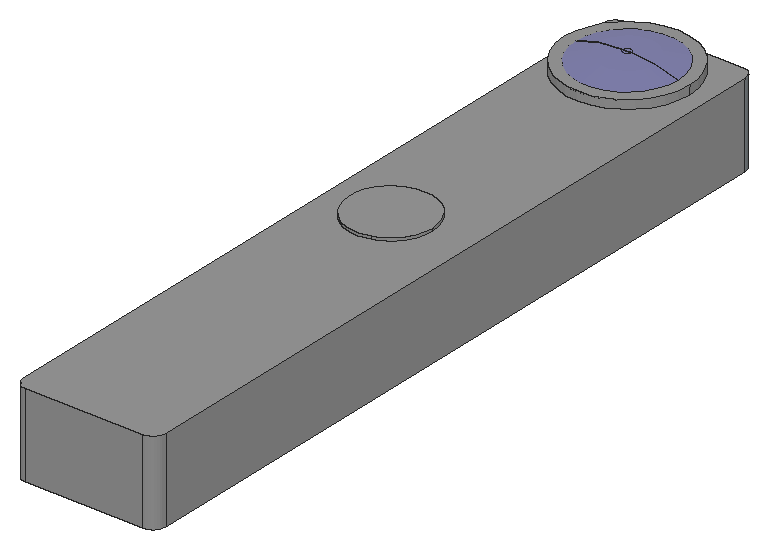
Revit family "VideoIntercom_TD33-53-63", category Security Devices, host Face, Revit 2019
Family settings
  Host = Face
  Maintain Annotation Orientation = Yes
  Round Connector Dimension = Use Diameter
  Part Type = Normal
  Cut with Voids When Loaded = No
  Shared = No
  Room Calculation Point = Yes
Parameters (values of type "TD33-HW")
  Width = 1.7"
  Verkada Material = Verkada Black
  URL = "https://www.verkada.com/intercom/td33/"
  Type Image = TD33.png
  Speaker Wide = no
  Speaker Thin = yes
  Speaker Distance = 0.1"  # constant formula
  Model = "TD63-HW"
  Manufacturer = "VERKADA"  # constant formula
  Length = 9.0"
  Keypad = no
  Height = 1.1"
  Description = "VIDEO INTERCOM"
  Default Elevation = 48.0"
  Corner Radius = 0.15"  # constant formula
  Camera Offset Top = 0.1"
  Camera Offset Left = 1.6"
  Camera Base Wide = no
  Camera Base Thin = yes
  Call Button Top = 3.9"
Reference planes (in)
  plane 1 "Center (Front/Back)": y = 0
  plane 2: z = 0
  plane 3 "Center (Left/Right)": x = 0
  plane 4: x = 0.85
  plane 5: y = 4.5
  plane 6: y = -4.5
  plane 7: x = -0.85
  plane 8: z = 1.1
  plane 9 "Face": z = 1
Forms (in)
  Extrusion 1, solid, material "Verkada Black" <- "Verkada Material"
    sketch origin (0, 0, 0) x (1, 0, 0) y (0, 1, 0)
      loop
        arc (-0.7, 4.5) -> (-0.80607, 4.45607) -> (-0.85, 4.35) r 0.15
        line (-0.85, 4.35) -> (-0.85, -4.35)
        arc (-0.85, -4.35) -> (-0.80607, -4.45607) -> (-0.7, -4.5) r 0.15
        line (-0.7, -4.5) -> (0.7, -4.5)
        arc (0.7, -4.5) -> (0.80607, -4.45607) -> (0.85, -4.35) r 0.15
        line (0.85, -4.35) -> (0.85, 4.35)
        arc (0.85, 4.35) -> (0.80607, 4.45607) -> (0.7, 4.5) r 0.15
        line (0.7, 4.5) -> (-0.7, 4.5)
    from 0 to 1
Lines and regions (in)
  reference lines
    curve 1: line (0, 4.75, 0) -> (0, -4.5, 0)
Dimensions and locks (in)
  equal spacing: plane 7, plane 3 "Center (Left/Right)", plane 4
  "Width": plane 7 to plane 4
  "Height": plane 8 to level
  equal spacing: plane 6, plane 1 "Center (Front/Back)", plane 5
  "Length": plane 6 to plane 5
  equal spacing: Extrusion 1, plane 3 "Center (Left/Right)", Extrusion 1
  plane 8 to plane 9 "Face" = 0.1"
  "Speaker Distance": Extrusion 1 to nested 2
  Extrusion 1 to Extrusion 1 = 1.7"
  "Camera Offset Top": Extrusion 1 to nested 3
  "Call Button Top": Extrusion 1 to nested 4
  "Corner Radius": radius of Extrusion 1 sketch curve  (x4)
  aligned and locked: plane 2 to host face
  aligned and locked: level to host face
  aligned and locked: plane 5 to Extrusion 1 sketch curve
  aligned and locked: plane 7 to Extrusion 1 sketch curve
  aligned and locked: Extrusion 1 sketch curve to plane 6
  aligned and locked: Extrusion 1 sketch curve to plane 4
  aligned and locked: Extrusion 1 to plane 9 "Face"
Automatic sketch dimensions
  host sketch curve to host sketch curve = 96.0"  (x2)
  curve 1 to plane 3 "Center (Left/Right)" = 0.0"
  plane 6 to curve 1 = 0.0"
  curve 1 to plane 5 = 0.25"
Nested families (in)
  nested 1: "PlanSymbol_Intercom" at (0, 0, 0), type "Standard"
  nested 2: "Speaker-RP" at (0, 0.1877, 1.1), built-in parameter 1001364 <- "Height", type "Standard"
  nested 3: "VideoIntercom-Camera" at (0, 3.65, 1.1), built-in parameter 1001364 <- "Height", type "VideoIntercom-Camera"
  nested 4: "VideoIntercom-Call Button" at (0, 0.1, 1.1), built-in parameter 1001364 <- "Height", type "VideoIntercom-Call Button"
  nested 5: "VideoIntercom-Keypad" at (0, 2.95, 1.3), visible <- "Keypad", type "VideoIntercom-Keypad"
Connectors (in)
  electrical at (0, 0, 0)
    settings: index 2, voltage 0 V, apparent load 0 VA, apparent load phase1 0 VA, apparent load phase2 0 VA, apparent load phase3 0 VA, power factor 1, load classification "Other", number of poles 1, system type 10, power factor state 1, is connector primary yes, connector utility no, sub classification motor no, connector description ""
Definition of nested family "VideoIntercom-Camera"
  Parameters (values of type "VideoIntercom-Camera")
    TD53-63 Camera Base = yes
    TD33 Camera Base = no
  Reference planes (in)
    plane 1 "Center (Front/Back)": y = 0
    plane 2: z = 0
    plane 3 "Center (Left/Right)": x = 0
  Forms (in)
    Extrusion 1, solid
      sketch origin (-0.00592, -0.11408, 0) x (1, 0, 0) y (0, 1, 0)
        loop
          circle (0.00592, 0.11408) r 0.75
      from 0 to 0.10156
    Revolve 2, solid
      sketch origin (0, 0, 0) x (1, 0, 0) y (0, 0, 1)
        loop
          line (0, 0.10156) -> (0, 0.20156) -> (-0.05, 0.20156)
          arc (-0.05, 0.20156) -> (-0.33794, 0.17637) -> (-0.61713, 0.10156) r 1.65817
          line (-0.61713, 0.10156) -> (0, 0.10156)
        axis (0, 0.10156) -> (0, 0.20156)
      angle from 0 to 360
  Dimensions and locks (in)
    aligned and locked: plane 2 to level
  Nested families (in)
    nested 1: "VideoIntercom-Camera-Base" at (0, 0, 0), type "TD#3 Intercom Camera Base"
  Definition of nested family "VideoIntercom-Camera-Base"
    Parameters (values of type "TD#3 Intercom Camera Base")
      TD53-63 = no
      TD33 = yes
    Reference planes (in)
      plane 1: y = 0
      plane 2: x = 0
    Lines and regions (in)
      Filled region 1, type "Solid Black", visible <- "TD33"
        outline origin (0, 0, 0) x (1, 0, 0) y (0, 1, 0)
          loop
            arc (0.75, 0) -> (0, -0.75) -> (-0.75, 0) r 0.75
            line (-0.75, 0) -> (-0.75, -1.5)
            arc (-0.75, -1.5) -> (0, -2.25) -> (0.75, -1.5) r 0.75
            line (0.75, -1.5) -> (0.75, 0)
      Filled region 2, type "Solid Black", visible <- "TD53-63"
        outline origin (0, 0, 0) x (1, 0, 0) y (0, 1, 0)
          loop
            arc (-0.75, 0.75) -> (-1.5, 0) -> (-0.75, -0.75) r 0.75
            line (-0.75, -0.75) -> (0, -0.75)
            arc (0, -0.75) -> (-0.75, 0) -> (0, 0.75) r 0.75
            line (0, 0.75) -> (-0.75, 0.75)
      Filled region 3, type "Solid Black", visible <- "TD53-63"
        outline origin (0, 0, 0) x (0, 1, 0) y (-1, 0, 0)
          loop
            line (0.75, -0.75) -> (0.75, 0)
            arc (0.75, 0) -> (0, -0.75) -> (-0.75, 0) r 0.75
            line (-0.75, 0) -> (-0.75, -0.75)
            arc (-0.75, -0.75) -> (0, -1.5) -> (0.75, -0.75) r 0.75
Definition of nested family "VideoIntercom-Call Button"
  Reference planes (in)
    plane 1 "Center (Front/Back)": y = 0
    plane 2: z = 0
    plane 3 "Center (Left/Right)": x = 0
  Forms (in)
    Extrusion 1, solid
      sketch origin (-131.0153, -68.10709, 0) x (1, 0, 0) y (0, 1, 0)
        loop
          circle (131.0153, 68.10709) r 0.5
      from 0 to 0.03125
  Dimensions and locks (in)
    aligned and locked: plane 2 to level
Definition of nested family "VideoIntercom-Keypad"
  Reference planes (in)
    plane 1 "Center (Front/Back)": y = 0
    plane 2: z = 0
    plane 3 "Center (Left/Right)": x = 0
  Forms (in)
    Extrusion 1, solid
      sketch origin (0, 0, 0) x (1, 0, 0) y (0, 1, 0)
        loop
          circle (0, 0) r 0.18709
        loop
          circle (0.76437, 0) r 0.18709
        loop
          circle (-0.7672, 0) r 0.18709
        loop
          circle (0, -0.625) r 0.18709
        loop
          circle (0.76437, -0.625) r 0.18709
        loop
          circle (-0.7672, -0.625) r 0.18709
        loop
          circle (0, -1.25) r 0.18709
        loop
          circle (0.76437, -1.25) r 0.18709
        loop
          circle (-0.7672, -1.25) r 0.18709
        loop
          circle (0, -1.875) r 0.18709
        loop
          circle (0.76437, -1.875) r 0.18709
        loop
          circle (-0.7672, -1.875) r 0.18709
      from 0 to 0.03125
  Dimensions and locks (in)
    aligned and locked: plane 2 to level
Definition of nested family "PlanSymbol_Intercom"
  Reference planes (in)
    plane 1: y = 0
    plane 2: x = 0
  Lines and regions (in)
    Masking region 1
      outline origin (0, 0, 0) x (1, 0, 0) y (0, 1, 0)
        loop
          line (-0.11811, 0.2345) -> (-0.11811, 0) -> (0.11811, 0) -> (0.11811, 0.2345) -> (-0.11811, 0.2345)
        loop
          circle (0, 0.11725) r 0.09397
    detail lines
      curve 1: line (-0.03132, 0.02865, 0) -> (-0.03132, 0.20585, 0)
      curve 2: line (0.03132, 0.02865, 0) -> (0.03132, 0.20585, 0)
      curve 3: line (0.0886, 0.14858, 0) -> (-0.0886, 0.14858, 0)
      curve 4: line (0.0886, 0.08593, 0) -> (-0.0886, 0.08593, 0)
Definition of nested family "Speaker-RP"
  Parameters (values of type "Standard")
    Speaker Wide = yes
    Speaker Thin = no
  Reference planes (in)
    plane 1 "Center (Front/Back)": y = 0
    plane 2: z = 0
    plane 3 "Center (Left/Right)": x = 0
  Lines and regions (in)
    model lines
      curve 1: line (0.09375, -3.43438, 0) -> (-0.09375, -3.43438, 0)
      curve 2: arc (-0.09375, -3.43438, 0) -> (-0.20424, -3.48014, 0) -> (-0.25, -3.59063, 0) r 0.15625
      curve 3: line (-0.25, -3.59063, 0) -> (-0.25, -3.77813, 0)
      curve 4: arc (-0.25, -3.77813, 0) -> (-0.20424, -3.88861, 0) -> (-0.09375, -3.93438, 0) r 0.15625
      curve 5: line (-0.09375, -3.93438, 0) -> (0.09375, -3.93438, 0)
      curve 6: arc (0.09375, -3.93438, 0) -> (0.20424, -3.88861, 0) -> (0.25, -3.77813, 0) r 0.15625
      curve 7: line (0.25, -3.77813, 0) -> (0.25, -3.59063, 0)
      curve 8: arc (0.25, -3.59063, 0) -> (0.20424, -3.48014, 0) -> (0.09375, -3.43438, 0) r 0.15625
    model lines, visible <- "Speaker Wide"
      curve 9: circle (-2.1875, -0.0125, 0) r 0.04395 normal (0, 0, -1)
      curve 10: circle (-2.03125, -0.0125, 0) r 0.04395 normal (0, 0, -1)
      curve 11: circle (-1.875, -0.0125, 0) r 0.04395 normal (0, 0, -1)
      curve 12: circle (-1.71875, -0.0125, 0) r 0.04395 normal (0, 0, -1)
      curve 13: circle (-1.5625, -0.0125, 0) r 0.04395 normal (0, 0, -1)
      curve 14: circle (-1.40625, -0.0125, 0) r 0.04395 normal (0, 0, -1)
      curve 15: circle (-1.25, -0.0125, 0) r 0.04395 normal (0, 0, -1)
      curve 16: circle (-1.09375, -0.0125, 0) r 0.04395 normal (0, 0, -1)
      curve 17: circle (-0.9375, -0.0125, 0) r 0.04395 normal (0, 0, -1)
      curve 18: circle (-0.78125, -0.0125, 0) r 0.04395 normal (0, 0, -1)
      curve 19: circle (-0.625, -0.0125, 0) r 0.04395 normal (0, 0, -1)
      curve 20: circle (-0.46875, -0.0125, 0) r 0.04395 normal (0, 0, -1)
      curve 21: circle (-0.3125, -0.0125, 0) r 0.04395 normal (0, 0, -1)
      curve 22: circle (-0.15625, -0.0125, 0) r 0.04395 normal (0, 0, -1)
      curve 23: circle (0, -0.0125, 0) r 0.04395 normal (0, 0, -1)
      curve 24: circle (0.15625, -0.0125, 0) r 0.04395 normal (0, 0, -1)
      curve 25: circle (0.3125, -0.0125, 0) r 0.04395 normal (0, 0, -1)
      curve 26: circle (0.46875, -0.0125, 0) r 0.04395 normal (0, 0, -1)
      curve 27: circle (0.625, -0.0125, 0) r 0.04395 normal (0, 0, -1)
      curve 28: circle (0.78125, -0.0125, 0) r 0.04395 normal (0, 0, -1)
      curve 29: circle (0.9375, -0.0125, 0) r 0.04395 normal (0, 0, -1)
      curve 30: circle (1.09375, -0.0125, 0) r 0.04395 normal (0, 0, -1)
      curve 31: circle (1.25, -0.0125, 0) r 0.04395 normal (0, 0, -1)
      curve 32: circle (1.40625, -0.0125, 0) r 0.04395 normal (0, 0, -1)
      curve 33: circle (1.5625, -0.0125, 0) r 0.04395 normal (0, 0, -1)
      curve 34: circle (1.71875, -0.0125, 0) r 0.04395 normal (0, 0, -1)
      curve 35: circle (1.875, -0.0125, 0) r 0.04395 normal (0, 0, -1)
      curve 36: circle (2.03125, -0.0125, 0) r 0.04395 normal (0, 0, -1)
      curve 37: circle (2.1875, -0.0125, 0) r 0.04395 normal (0, 0, -1)
      curve 38: circle (-2.1875, -0.16875, 0) r 0.04395 normal (0, 0, -1)
      curve 39: circle (-2.03125, -0.16875, 0) r 0.04395 normal (0, 0, -1)
      curve 40: circle (-1.875, -0.16875, 0) r 0.04395 normal (0, 0, -1)
      curve 41: circle (-1.71875, -0.16875, 0) r 0.04395 normal (0, 0, -1)
      curve 42: circle (-1.5625, -0.16875, 0) r 0.04395 normal (0, 0, -1)
      curve 43: circle (-1.40625, -0.16875, 0) r 0.04395 normal (0, 0, -1)
      curve 44: circle (-1.25, -0.16875, 0) r 0.04395 normal (0, 0, -1)
      curve 45: circle (-1.09375, -0.16875, 0) r 0.04395 normal (0, 0, -1)
      curve 46: circle (-0.9375, -0.16875, 0) r 0.04395 normal (0, 0, -1)
      curve 47: circle (-0.78125, -0.16875, 0) r 0.04395 normal (0, 0, -1)
      curve 48: circle (-0.625, -0.16875, 0) r 0.04395 normal (0, 0, -1)
      curve 49: circle (-0.46875, -0.16875, 0) r 0.04395 normal (0, 0, -1)
      curve 50: circle (-0.3125, -0.16875, 0) r 0.04395 normal (0, 0, -1)
      curve 51: circle (-0.15625, -0.16875, 0) r 0.04395 normal (0, 0, -1)
      curve 52: circle (0, -0.16875, 0) r 0.04395 normal (0, 0, -1)
      curve 53: circle (0.15625, -0.16875, 0) r 0.04395 normal (0, 0, -1)
      curve 54: circle (0.3125, -0.16875, 0) r 0.04395 normal (0, 0, -1)
      curve 55: circle (0.46875, -0.16875, 0) r 0.04395 normal (0, 0, -1)
      curve 56: circle (0.625, -0.16875, 0) r 0.04395 normal (0, 0, -1)
      curve 57: circle (0.78125, -0.16875, 0) r 0.04395 normal (0, 0, -1)
      curve 58: circle (0.9375, -0.16875, 0) r 0.04395 normal (0, 0, -1)
      curve 59: circle (1.09375, -0.16875, 0) r 0.04395 normal (0, 0, -1)
      curve 60: circle (1.25, -0.16875, 0) r 0.04395 normal (0, 0, -1)
      curve 61: circle (1.40625, -0.16875, 0) r 0.04395 normal (0, 0, -1)
      curve 62: circle (1.5625, -0.16875, 0) r 0.04395 normal (0, 0, -1)
      curve 63: circle (1.71875, -0.16875, 0) r 0.04395 normal (0, 0, -1)
      curve 64: circle (1.875, -0.16875, 0) r 0.04395 normal (0, 0, -1)
      curve 65: circle (2.03125, -0.16875, 0) r 0.04395 normal (0, 0, -1)
      curve 66: circle (2.1875, -0.16875, 0) r 0.04395 normal (0, 0, -1)
      curve 67: circle (-2.1875, -0.325, 0) r 0.04395 normal (0, 0, -1)
      curve 68: circle (-2.03125, -0.325, 0) r 0.04395 normal (0, 0, -1)
      curve 69: circle (-1.875, -0.325, 0) r 0.04395 normal (0, 0, -1)
      curve 70: circle (-1.71875, -0.325, 0) r 0.04395 normal (0, 0, -1)
      curve 71: circle (-1.5625, -0.325, 0) r 0.04395 normal (0, 0, -1)
      curve 72: circle (-1.40625, -0.325, 0) r 0.04395 normal (0, 0, -1)
      curve 73: circle (-1.25, -0.325, 0) r 0.04395 normal (0, 0, -1)
      curve 74: circle (-1.09375, -0.325, 0) r 0.04395 normal (0, 0, -1)
      curve 75: circle (-0.9375, -0.325, 0) r 0.04395 normal (0, 0, -1)
      curve 76: circle (-0.78125, -0.325, 0) r 0.04395 normal (0, 0, -1)
      curve 77: circle (-0.625, -0.325, 0) r 0.04395 normal (0, 0, -1)
      curve 78: circle (-0.46875, -0.325, 0) r 0.04395 normal (0, 0, -1)
      curve 79: circle (-0.3125, -0.325, 0) r 0.04395 normal (0, 0, -1)
      curve 80: circle (-0.15625, -0.325, 0) r 0.04395 normal (0, 0, -1)
      curve 81: circle (0, -0.325, 0) r 0.04395 normal (0, 0, -1)
      curve 82: circle (0.15625, -0.325, 0) r 0.04395 normal (0, 0, -1)
      curve 83: circle (0.3125, -0.325, 0) r 0.04395 normal (0, 0, -1)
      curve 84: circle (0.46875, -0.325, 0) r 0.04395 normal (0, 0, -1)
      curve 85: circle (0.625, -0.325, 0) r 0.04395 normal (0, 0, -1)
      curve 86: circle (0.78125, -0.325, 0) r 0.04395 normal (0, 0, -1)
      curve 87: circle (0.9375, -0.325, 0) r 0.04395 normal (0, 0, -1)
      curve 88: circle (1.09375, -0.325, 0) r 0.04395 normal (0, 0, -1)
      curve 89: circle (1.25, -0.325, 0) r 0.04395 normal (0, 0, -1)
      curve 90: circle (1.40625, -0.325, 0) r 0.04395 normal (0, 0, -1)
      curve 91: circle (1.5625, -0.325, 0) r 0.04395 normal (0, 0, -1)
      curve 92: circle (1.71875, -0.325, 0) r 0.04395 normal (0, 0, -1)
      curve 93: circle (1.875, -0.325, 0) r 0.04395 normal (0, 0, -1)
      curve 94: circle (2.03125, -0.325, 0) r 0.04395 normal (0, 0, -1)
      curve 95: circle (2.1875, -0.325, 0) r 0.04395 normal (0, 0, -1)
      curve 96: circle (-2.1875, -0.48125, 0) r 0.04395 normal (0, 0, -1)
      curve 97: circle (-2.03125, -0.48125, 0) r 0.04395 normal (0, 0, -1)
      curve 98: circle (-1.875, -0.48125, 0) r 0.04395 normal (0, 0, -1)
      curve 99: circle (-1.71875, -0.48125, 0) r 0.04395 normal (0, 0, -1)
      curve 100: circle (-1.5625, -0.48125, 0) r 0.04395 normal (0, 0, -1)
      curve 101: circle (-1.40625, -0.48125, 0) r 0.04395 normal (0, 0, -1)
      curve 102: circle (-1.25, -0.48125, 0) r 0.04395 normal (0, 0, -1)
      curve 103: circle (-1.09375, -0.48125, 0) r 0.04395 normal (0, 0, -1)
      curve 104: circle (-0.9375, -0.48125, 0) r 0.04395 normal (0, 0, -1)
      curve 105: circle (-0.78125, -0.48125, 0) r 0.04395 normal (0, 0, -1)
      curve 106: circle (-0.625, -0.48125, 0) r 0.04395 normal (0, 0, -1)
      curve 107: circle (-0.46875, -0.48125, 0) r 0.04395 normal (0, 0, -1)
      curve 108: circle (-0.3125, -0.48125, 0) r 0.04395 normal (0, 0, -1)
      curve 109: circle (-0.15625, -0.48125, 0) r 0.04395 normal (0, 0, -1)
      curve 110: circle (0, -0.48125, 0) r 0.04395 normal (0, 0, -1)
      curve 111: circle (0.15625, -0.48125, 0) r 0.04395 normal (0, 0, -1)
      curve 112: circle (0.3125, -0.48125, 0) r 0.04395 normal (0, 0, -1)
      curve 113: circle (0.46875, -0.48125, 0) r 0.04395 normal (0, 0, -1)
      curve 114: circle (0.625, -0.48125, 0) r 0.04395 normal (0, 0, -1)
      curve 115: circle (0.78125, -0.48125, 0) r 0.04395 normal (0, 0, -1)
      curve 116: circle (0.9375, -0.48125, 0) r 0.04395 normal (0, 0, -1)
      curve 117: circle (1.09375, -0.48125, 0) r 0.04395 normal (0, 0, -1)
      curve 118: circle (1.25, -0.48125, 0) r 0.04395 normal (0, 0, -1)
      curve 119: circle (1.40625, -0.48125, 0) r 0.04395 normal (0, 0, -1)
      curve 120: circle (1.5625, -0.48125, 0) r 0.04395 normal (0, 0, -1)
      curve 121: circle (1.71875, -0.48125, 0) r 0.04395 normal (0, 0, -1)
      curve 122: circle (1.875, -0.48125, 0) r 0.04395 normal (0, 0, -1)
      curve 123: circle (2.03125, -0.48125, 0) r 0.04395 normal (0, 0, -1)
      curve 124: circle (2.1875, -0.48125, 0) r 0.04395 normal (0, 0, -1)
      curve 125: circle (-2.1875, -0.6375, 0) r 0.04395 normal (0, 0, -1)
      curve 126: circle (-2.03125, -0.6375, 0) r 0.04395 normal (0, 0, -1)
      curve 127: circle (-1.875, -0.6375, 0) r 0.04395 normal (0, 0, -1)
      curve 128: circle (-1.71875, -0.6375, 0) r 0.04395 normal (0, 0, -1)
      curve 129: circle (-1.5625, -0.6375, 0) r 0.04395 normal (0, 0, -1)
      curve 130: circle (-1.40625, -0.6375, 0) r 0.04395 normal (0, 0, -1)
      curve 131: circle (-1.25, -0.6375, 0) r 0.04395 normal (0, 0, -1)
      curve 132: circle (-1.09375, -0.6375, 0) r 0.04395 normal (0, 0, -1)
      curve 133: circle (-0.9375, -0.6375, 0) r 0.04395 normal (0, 0, -1)
      curve 134: circle (-0.78125, -0.6375, 0) r 0.04395 normal (0, 0, -1)
      curve 135: circle (-0.625, -0.6375, 0) r 0.04395 normal (0, 0, -1)
      curve 136: circle (-0.46875, -0.6375, 0) r 0.04395 normal (0, 0, -1)
      curve 137: circle (-0.3125, -0.6375, 0) r 0.04395 normal (0, 0, -1)
      curve 138: circle (-0.15625, -0.6375, 0) r 0.04395 normal (0, 0, -1)
      curve 139: circle (0, -0.6375, 0) r 0.04395 normal (0, 0, -1)
      curve 140: circle (0.15625, -0.6375, 0) r 0.04395 normal (0, 0, -1)
      curve 141: circle (0.3125, -0.6375, 0) r 0.04395 normal (0, 0, -1)
      curve 142: circle (0.46875, -0.6375, 0) r 0.04395 normal (0, 0, -1)
      curve 143: circle (0.625, -0.6375, 0) r 0.04395 normal (0, 0, -1)
      curve 144: circle (0.78125, -0.6375, 0) r 0.04395 normal (0, 0, -1)
      curve 145: circle (0.9375, -0.6375, 0) r 0.04395 normal (0, 0, -1)
      curve 146: circle (1.09375, -0.6375, 0) r 0.04395 normal (0, 0, -1)
      curve 147: circle (1.25, -0.6375, 0) r 0.04395 normal (0, 0, -1)
      curve 148: circle (1.40625, -0.6375, 0) r 0.04395 normal (0, 0, -1)
      curve 149: circle (1.5625, -0.6375, 0) r 0.04395 normal (0, 0, -1)
      curve 150: circle (1.71875, -0.6375, 0) r 0.04395 normal (0, 0, -1)
      curve 151: circle (1.875, -0.6375, 0) r 0.04395 normal (0, 0, -1)
      curve 152: circle (2.03125, -0.6375, 0) r 0.04395 normal (0, 0, -1)
      curve 153: circle (2.1875, -0.6375, 0) r 0.04395 normal (0, 0, -1)
      curve 154: circle (-2.1875, -0.79375, 0) r 0.04395 normal (0, 0, -1)
      curve 155: circle (-2.03125, -0.79375, 0) r 0.04395 normal (0, 0, -1)
      curve 156: circle (-1.875, -0.79375, 0) r 0.04395 normal (0, 0, -1)
      curve 157: circle (-1.71875, -0.79375, 0) r 0.04395 normal (0, 0, -1)
      curve 158: circle (-1.5625, -0.79375, 0) r 0.04395 normal (0, 0, -1)
      curve 159: circle (-1.40625, -0.79375, 0) r 0.04395 normal (0, 0, -1)
      curve 160: circle (-1.25, -0.79375, 0) r 0.04395 normal (0, 0, -1)
      curve 161: circle (-1.09375, -0.79375, 0) r 0.04395 normal (0, 0, -1)
      curve 162: circle (-0.9375, -0.79375, 0) r 0.04395 normal (0, 0, -1)
      curve 163: circle (-0.78125, -0.79375, 0) r 0.04395 normal (0, 0, -1)
      curve 164: circle (-0.625, -0.79375, 0) r 0.04395 normal (0, 0, -1)
      curve 165: circle (-0.46875, -0.79375, 0) r 0.04395 normal (0, 0, -1)
      curve 166: circle (-0.3125, -0.79375, 0) r 0.04395 normal (0, 0, -1)
      curve 167: circle (-0.15625, -0.79375, 0) r 0.04395 normal (0, 0, -1)
      curve 168: circle (0, -0.79375, 0) r 0.04395 normal (0, 0, -1)
      curve 169: circle (0.15625, -0.79375, 0) r 0.04395 normal (0, 0, -1)
      curve 170: circle (0.3125, -0.79375, 0) r 0.04395 normal (0, 0, -1)
      curve 171: circle (0.46875, -0.79375, 0) r 0.04395 normal (0, 0, -1)
      curve 172: circle (0.625, -0.79375, 0) r 0.04395 normal (0, 0, -1)
      curve 173: circle (0.78125, -0.79375, 0) r 0.04395 normal (0, 0, -1)
      curve 174: circle (0.9375, -0.79375, 0) r 0.04395 normal (0, 0, -1)
      curve 175: circle (1.09375, -0.79375, 0) r 0.04395 normal (0, 0, -1)
      curve 176: circle (1.25, -0.79375, 0) r 0.04395 normal (0, 0, -1)
      curve 177: circle (1.40625, -0.79375, 0) r 0.04395 normal (0, 0, -1)
      curve 178: circle (1.5625, -0.79375, 0) r 0.04395 normal (0, 0, -1)
      curve 179: circle (1.71875, -0.79375, 0) r 0.04395 normal (0, 0, -1)
      curve 180: circle (1.875, -0.79375, 0) r 0.04395 normal (0, 0, -1)
      curve 181: circle (2.03125, -0.79375, 0) r 0.04395 normal (0, 0, -1)
      curve 182: circle (2.1875, -0.79375, 0) r 0.04395 normal (0, 0, -1)
      curve 183: circle (-2.1875, -0.95, 0) r 0.04395 normal (0, 0, -1)
      curve 184: circle (-2.03125, -0.95, 0) r 0.04395 normal (0, 0, -1)
      curve 185: circle (-1.875, -0.95, 0) r 0.04395 normal (0, 0, -1)
      curve 186: circle (-1.71875, -0.95, 0) r 0.04395 normal (0, 0, -1)
      curve 187: circle (-1.5625, -0.95, 0) r 0.04395 normal (0, 0, -1)
      curve 188: circle (-1.40625, -0.95, 0) r 0.04395 normal (0, 0, -1)
      curve 189: circle (-1.25, -0.95, 0) r 0.04395 normal (0, 0, -1)
      curve 190: circle (-1.09375, -0.95, 0) r 0.04395 normal (0, 0, -1)
      curve 191: circle (-0.9375, -0.95, 0) r 0.04395 normal (0, 0, -1)
      curve 192: circle (-0.78125, -0.95, 0) r 0.04395 normal (0, 0, -1)
      curve 193: circle (-0.625, -0.95, 0) r 0.04395 normal (0, 0, -1)
      curve 194: circle (-0.46875, -0.95, 0) r 0.04395 normal (0, 0, -1)
      curve 195: circle (-0.3125, -0.95, 0) r 0.04395 normal (0, 0, -1)
      curve 196: circle (-0.15625, -0.95, 0) r 0.04395 normal (0, 0, -1)
      curve 197: circle (0, -0.95, 0) r 0.04395 normal (0, 0, -1)
      curve 198: circle (0.15625, -0.95, 0) r 0.04395 normal (0, 0, -1)
      curve 199: circle (0.3125, -0.95, 0) r 0.04395 normal (0, 0, -1)
      curve 200: circle (0.46875, -0.95, 0) r 0.04395 normal (0, 0, -1)
      curve 201: circle (0.625, -0.95, 0) r 0.04395 normal (0, 0, -1)
      curve 202: circle (0.78125, -0.95, 0) r 0.04395 normal (0, 0, -1)
      curve 203: circle (0.9375, -0.95, 0) r 0.04395 normal (0, 0, -1)
      curve 204: circle (1.09375, -0.95, 0) r 0.04395 normal (0, 0, -1)
      curve 205: circle (1.25, -0.95, 0) r 0.04395 normal (0, 0, -1)
      curve 206: circle (1.40625, -0.95, 0) r 0.04395 normal (0, 0, -1)
      curve 207: circle (1.5625, -0.95, 0) r 0.04395 normal (0, 0, -1)
      curve 208: circle (1.71875, -0.95, 0) r 0.04395 normal (0, 0, -1)
      curve 209: circle (1.875, -0.95, 0) r 0.04395 normal (0, 0, -1)
      curve 210: circle (2.03125, -0.95, 0) r 0.04395 normal (0, 0, -1)
      curve 211: circle (2.1875, -0.95, 0) r 0.04395 normal (0, 0, -1)
      curve 212: circle (-2.1875, -1.10625, 0) r 0.04395 normal (0, 0, -1)
      curve 213: circle (-2.03125, -1.10625, 0) r 0.04395 normal (0, 0, -1)
      curve 214: circle (-1.875, -1.10625, 0) r 0.04395 normal (0, 0, -1)
      curve 215: circle (-1.71875, -1.10625, 0) r 0.04395 normal (0, 0, -1)
      curve 216: circle (-1.5625, -1.10625, 0) r 0.04395 normal (0, 0, -1)
      curve 217: circle (-1.40625, -1.10625, 0) r 0.04395 normal (0, 0, -1)
      curve 218: circle (-1.25, -1.10625, 0) r 0.04395 normal (0, 0, -1)
      curve 219: circle (-1.09375, -1.10625, 0) r 0.04395 normal (0, 0, -1)
      curve 220: circle (-0.9375, -1.10625, 0) r 0.04395 normal (0, 0, -1)
      curve 221: circle (-0.78125, -1.10625, 0) r 0.04395 normal (0, 0, -1)
      curve 222: circle (-0.625, -1.10625, 0) r 0.04395 normal (0, 0, -1)
      curve 223: circle (-0.46875, -1.10625, 0) r 0.04395 normal (0, 0, -1)
      curve 224: circle (-0.3125, -1.10625, 0) r 0.04395 normal (0, 0, -1)
      curve 225: circle (-0.15625, -1.10625, 0) r 0.04395 normal (0, 0, -1)
      curve 226: circle (0, -1.10625, 0) r 0.04395 normal (0, 0, -1)
      curve 227: circle (0.15625, -1.10625, 0) r 0.04395 normal (0, 0, -1)
      curve 228: circle (0.3125, -1.10625, 0) r 0.04395 normal (0, 0, -1)
      curve 229: circle (0.46875, -1.10625, 0) r 0.04395 normal (0, 0, -1)
      curve 230: circle (0.625, -1.10625, 0) r 0.04395 normal (0, 0, -1)
      curve 231: circle (0.78125, -1.10625, 0) r 0.04395 normal (0, 0, -1)
      curve 232: circle (0.9375, -1.10625, 0) r 0.04395 normal (0, 0, -1)
      curve 233: circle (1.09375, -1.10625, 0) r 0.04395 normal (0, 0, -1)
      curve 234: circle (1.25, -1.10625, 0) r 0.04395 normal (0, 0, -1)
      curve 235: circle (1.40625, -1.10625, 0) r 0.04395 normal (0, 0, -1)
      curve 236: circle (1.5625, -1.10625, 0) r 0.04395 normal (0, 0, -1)
      curve 237: circle (1.71875, -1.10625, 0) r 0.04395 normal (0, 0, -1)
      curve 238: circle (1.875, -1.10625, 0) r 0.04395 normal (0, 0, -1)
      curve 239: circle (2.03125, -1.10625, 0) r 0.04395 normal (0, 0, -1)
      curve 240: circle (2.1875, -1.10625, 0) r 0.04395 normal (0, 0, -1)
      curve 241: circle (-2.1875, -1.2625, 0) r 0.04395 normal (0, 0, -1)
      curve 242: circle (-2.03125, -1.2625, 0) r 0.04395 normal (0, 0, -1)
      curve 243: circle (-1.875, -1.2625, 0) r 0.04395 normal (0, 0, -1)
      curve 244: circle (-1.71875, -1.2625, 0) r 0.04395 normal (0, 0, -1)
      curve 245: circle (-1.5625, -1.2625, 0) r 0.04395 normal (0, 0, -1)
      curve 246: circle (-1.40625, -1.2625, 0) r 0.04395 normal (0, 0, -1)
      curve 247: circle (-1.25, -1.2625, 0) r 0.04395 normal (0, 0, -1)
      curve 248: circle (-1.09375, -1.2625, 0) r 0.04395 normal (0, 0, -1)
      curve 249: circle (-0.9375, -1.2625, 0) r 0.04395 normal (0, 0, -1)
      curve 250: circle (-0.78125, -1.2625, 0) r 0.04395 normal (0, 0, -1)
      curve 251: circle (-0.625, -1.2625, 0) r 0.04395 normal (0, 0, -1)
      curve 252: circle (-0.46875, -1.2625, 0) r 0.04395 normal (0, 0, -1)
      curve 253: circle (-0.3125, -1.2625, 0) r 0.04395 normal (0, 0, -1)
      curve 254: circle (-0.15625, -1.2625, 0) r 0.04395 normal (0, 0, -1)
      curve 255: circle (0, -1.2625, 0) r 0.04395 normal (0, 0, -1)
      curve 256: circle (0.15625, -1.2625, 0) r 0.04395 normal (0, 0, -1)
      curve 257: circle (0.3125, -1.2625, 0) r 0.04395 normal (0, 0, -1)
      curve 258: circle (0.46875, -1.2625, 0) r 0.04395 normal (0, 0, -1)
      curve 259: circle (0.625, -1.2625, 0) r 0.04395 normal (0, 0, -1)
      curve 260: circle (0.78125, -1.2625, 0) r 0.04395 normal (0, 0, -1)
      curve 261: circle (0.9375, -1.2625, 0) r 0.04395 normal (0, 0, -1)
      curve 262: circle (1.09375, -1.2625, 0) r 0.04395 normal (0, 0, -1)
      curve 263: circle (1.25, -1.2625, 0) r 0.04395 normal (0, 0, -1)
      curve 264: circle (1.40625, -1.2625, 0) r 0.04395 normal (0, 0, -1)
      curve 265: circle (1.5625, -1.2625, 0) r 0.04395 normal (0, 0, -1)
      curve 266: circle (1.71875, -1.2625, 0) r 0.04395 normal (0, 0, -1)
      curve 267: circle (1.875, -1.2625, 0) r 0.04395 normal (0, 0, -1)
      curve 268: circle (2.03125, -1.2625, 0) r 0.04395 normal (0, 0, -1)
      curve 269: circle (2.1875, -1.2625, 0) r 0.04395 normal (0, 0, -1)
      curve 270: circle (-2.1875, -1.41875, 0) r 0.04395 normal (0, 0, -1)
      curve 271: circle (-2.03125, -1.41875, 0) r 0.04395 normal (0, 0, -1)
      curve 272: circle (-1.875, -1.41875, 0) r 0.04395 normal (0, 0, -1)
      curve 273: circle (-1.71875, -1.41875, 0) r 0.04395 normal (0, 0, -1)
      curve 274: circle (-1.5625, -1.41875, 0) r 0.04395 normal (0, 0, -1)
      curve 275: circle (-1.40625, -1.41875, 0) r 0.04395 normal (0, 0, -1)
      curve 276: circle (-1.25, -1.41875, 0) r 0.04395 normal (0, 0, -1)
      curve 277: circle (-1.09375, -1.41875, 0) r 0.04395 normal (0, 0, -1)
      curve 278: circle (-0.9375, -1.41875, 0) r 0.04395 normal (0, 0, -1)
      curve 279: circle (-0.78125, -1.41875, 0) r 0.04395 normal (0, 0, -1)
      curve 280: circle (-0.625, -1.41875, 0) r 0.04395 normal (0, 0, -1)
      curve 281: circle (-0.46875, -1.41875, 0) r 0.04395 normal (0, 0, -1)
      curve 282: circle (-0.3125, -1.41875, 0) r 0.04395 normal (0, 0, -1)
      curve 283: circle (-0.15625, -1.41875, 0) r 0.04395 normal (0, 0, -1)
      curve 284: circle (0, -1.41875, 0) r 0.04395 normal (0, 0, -1)
      curve 285: circle (0.15625, -1.41875, 0) r 0.04395 normal (0, 0, -1)
      curve 286: circle (0.3125, -1.41875, 0) r 0.04395 normal (0, 0, -1)
      curve 287: circle (0.46875, -1.41875, 0) r 0.04395 normal (0, 0, -1)
      curve 288: circle (0.625, -1.41875, 0) r 0.04395 normal (0, 0, -1)
      curve 289: circle (0.78125, -1.41875, 0) r 0.04395 normal (0, 0, -1)
      curve 290: circle (0.9375, -1.41875, 0) r 0.04395 normal (0, 0, -1)
      curve 291: circle (1.09375, -1.41875, 0) r 0.04395 normal (0, 0, -1)
      curve 292: circle (1.25, -1.41875, 0) r 0.04395 normal (0, 0, -1)
      curve 293: circle (1.40625, -1.41875, 0) r 0.04395 normal (0, 0, -1)
      curve 294: circle (1.5625, -1.41875, 0) r 0.04395 normal (0, 0, -1)
      curve 295: circle (1.71875, -1.41875, 0) r 0.04395 normal (0, 0, -1)
      curve 296: circle (1.875, -1.41875, 0) r 0.04395 normal (0, 0, -1)
      curve 297: circle (2.03125, -1.41875, 0) r 0.04395 normal (0, 0, -1)
      curve 298: circle (2.1875, -1.41875, 0) r 0.04395 normal (0, 0, -1)
      curve 299: circle (-2.1875, -1.575, 0) r 0.04395 normal (0, 0, -1)
      curve 300: circle (-2.03125, -1.575, 0) r 0.04395 normal (0, 0, -1)
      curve 301: circle (-1.875, -1.575, 0) r 0.04395 normal (0, 0, -1)
      curve 302: circle (-1.71875, -1.575, 0) r 0.04395 normal (0, 0, -1)
      curve 303: circle (-1.5625, -1.575, 0) r 0.04395 normal (0, 0, -1)
      curve 304: circle (-1.40625, -1.575, 0) r 0.04395 normal (0, 0, -1)
      curve 305: circle (-1.25, -1.575, 0) r 0.04395 normal (0, 0, -1)
      curve 306: circle (-1.09375, -1.575, 0) r 0.04395 normal (0, 0, -1)
      curve 307: circle (-0.9375, -1.575, 0) r 0.04395 normal (0, 0, -1)
      curve 308: circle (-0.78125, -1.575, 0) r 0.04395 normal (0, 0, -1)
      curve 309: circle (-0.625, -1.575, 0) r 0.04395 normal (0, 0, -1)
      curve 310: circle (-0.46875, -1.575, 0) r 0.04395 normal (0, 0, -1)
      curve 311: circle (-0.3125, -1.575, 0) r 0.04395 normal (0, 0, -1)
      curve 312: circle (-0.15625, -1.575, 0) r 0.04395 normal (0, 0, -1)
      curve 313: circle (0, -1.575, 0) r 0.04395 normal (0, 0, -1)
      curve 314: circle (0.15625, -1.575, 0) r 0.04395 normal (0, 0, -1)
      curve 315: circle (0.3125, -1.575, 0) r 0.04395 normal (0, 0, -1)
      curve 316: circle (0.46875, -1.575, 0) r 0.04395 normal (0, 0, -1)
      curve 317: circle (0.625, -1.575, 0) r 0.04395 normal (0, 0, -1)
      curve 318: circle (0.78125, -1.575, 0) r 0.04395 normal (0, 0, -1)
      curve 319: circle (0.9375, -1.575, 0) r 0.04395 normal (0, 0, -1)
      curve 320: circle (1.09375, -1.575, 0) r 0.04395 normal (0, 0, -1)
      curve 321: circle (1.25, -1.575, 0) r 0.04395 normal (0, 0, -1)
      curve 322: circle (1.40625, -1.575, 0) r 0.04395 normal (0, 0, -1)
      curve 323: circle (1.5625, -1.575, 0) r 0.04395 normal (0, 0, -1)
      curve 324: circle (1.71875, -1.575, 0) r 0.04395 normal (0, 0, -1)
      curve 325: circle (1.875, -1.575, 0) r 0.04395 normal (0, 0, -1)
      curve 326: circle (2.03125, -1.575, 0) r 0.04395 normal (0, 0, -1)
      curve 327: circle (2.1875, -1.575, 0) r 0.04395 normal (0, 0, -1)
      curve 328: circle (-2.1875, -1.73125, 0) r 0.04395 normal (0, 0, -1)
      curve 329: circle (-2.03125, -1.73125, 0) r 0.04395 normal (0, 0, -1)
      curve 330: circle (-1.875, -1.73125, 0) r 0.04395 normal (0, 0, -1)
      curve 331: circle (-1.71875, -1.73125, 0) r 0.04395 normal (0, 0, -1)
      curve 332: circle (-1.5625, -1.73125, 0) r 0.04395 normal (0, 0, -1)
      curve 333: circle (-1.40625, -1.73125, 0) r 0.04395 normal (0, 0, -1)
      curve 334: circle (-1.25, -1.73125, 0) r 0.04395 normal (0, 0, -1)
      curve 335: circle (-1.09375, -1.73125, 0) r 0.04395 normal (0, 0, -1)
      curve 336: circle (-0.9375, -1.73125, 0) r 0.04395 normal (0, 0, -1)
      curve 337: circle (-0.78125, -1.73125, 0) r 0.04395 normal (0, 0, -1)
      curve 338: circle (-0.625, -1.73125, 0) r 0.04395 normal (0, 0, -1)
      curve 339: circle (-0.46875, -1.73125, 0) r 0.04395 normal (0, 0, -1)
      curve 340: circle (-0.3125, -1.73125, 0) r 0.04395 normal (0, 0, -1)
      curve 341: circle (-0.15625, -1.73125, 0) r 0.04395 normal (0, 0, -1)
      curve 342: circle (0, -1.73125, 0) r 0.04395 normal (0, 0, -1)
      curve 343: circle (0.15625, -1.73125, 0) r 0.04395 normal (0, 0, -1)
      curve 344: circle (0.3125, -1.73125, 0) r 0.04395 normal (0, 0, -1)
      curve 345: circle (0.46875, -1.73125, 0) r 0.04395 normal (0, 0, -1)
      curve 346: circle (0.625, -1.73125, 0) r 0.04395 normal (0, 0, -1)
      curve 347: circle (0.78125, -1.73125, 0) r 0.04395 normal (0, 0, -1)
      curve 348: circle (0.9375, -1.73125, 0) r 0.04395 normal (0, 0, -1)
      curve 349: circle (1.09375, -1.73125, 0) r 0.04395 normal (0, 0, -1)
      curve 350: circle (1.25, -1.73125, 0) r 0.04395 normal (0, 0, -1)
      curve 351: circle (1.40625, -1.73125, 0) r 0.04395 normal (0, 0, -1)
      curve 352: circle (1.5625, -1.73125, 0) r 0.04395 normal (0, 0, -1)
      curve 353: circle (1.71875, -1.73125, 0) r 0.04395 normal (0, 0, -1)
      curve 354: circle (1.875, -1.73125, 0) r 0.04395 normal (0, 0, -1)
      curve 355: circle (2.03125, -1.73125, 0) r 0.04395 normal (0, 0, -1)
      curve 356: circle (2.1875, -1.73125, 0) r 0.04395 normal (0, 0, -1)
      curve 357: circle (-2.1875, -1.8875, 0) r 0.04395 normal (0, 0, -1)
      curve 358: circle (-2.03125, -1.8875, 0) r 0.04395 normal (0, 0, -1)
      curve 359: circle (-1.875, -1.8875, 0) r 0.04395 normal (0, 0, -1)
      curve 360: circle (-1.71875, -1.8875, 0) r 0.04395 normal (0, 0, -1)
      curve 361: circle (-1.5625, -1.8875, 0) r 0.04395 normal (0, 0, -1)
      curve 362: circle (-1.40625, -1.8875, 0) r 0.04395 normal (0, 0, -1)
      curve 363: circle (-1.25, -1.8875, 0) r 0.04395 normal (0, 0, -1)
      curve 364: circle (-1.09375, -1.8875, 0) r 0.04395 normal (0, 0, -1)
      curve 365: circle (-0.9375, -1.8875, 0) r 0.04395 normal (0, 0, -1)
      curve 366: circle (-0.78125, -1.8875, 0) r 0.04395 normal (0, 0, -1)
      curve 367: circle (-0.625, -1.8875, 0) r 0.04395 normal (0, 0, -1)
      curve 368: circle (-0.46875, -1.8875, 0) r 0.04395 normal (0, 0, -1)
      curve 369: circle (-0.3125, -1.8875, 0) r 0.04395 normal (0, 0, -1)
      curve 370: circle (-0.15625, -1.8875, 0) r 0.04395 normal (0, 0, -1)
      curve 371: circle (0, -1.8875, 0) r 0.04395 normal (0, 0, -1)
      curve 372: circle (0.15625, -1.8875, 0) r 0.04395 normal (0, 0, -1)
      curve 373: circle (0.3125, -1.8875, 0) r 0.04395 normal (0, 0, -1)
      curve 374: circle (0.46875, -1.8875, 0) r 0.04395 normal (0, 0, -1)
      curve 375: circle (0.625, -1.8875, 0) r 0.04395 normal (0, 0, -1)
      curve 376: circle (0.78125, -1.8875, 0) r 0.04395 normal (0, 0, -1)
      curve 377: circle (0.9375, -1.8875, 0) r 0.04395 normal (0, 0, -1)
      curve 378: circle (1.09375, -1.8875, 0) r 0.04395 normal (0, 0, -1)
      curve 379: circle (1.25, -1.8875, 0) r 0.04395 normal (0, 0, -1)
      curve 380: circle (1.40625, -1.8875, 0) r 0.04395 normal (0, 0, -1)
      curve 381: circle (1.5625, -1.8875, 0) r 0.04395 normal (0, 0, -1)
      curve 382: circle (1.71875, -1.8875, 0) r 0.04395 normal (0, 0, -1)
      curve 383: circle (1.875, -1.8875, 0) r 0.04395 normal (0, 0, -1)
      curve 384: circle (2.03125, -1.8875, 0) r 0.04395 normal (0, 0, -1)
      curve 385: circle (2.1875, -1.8875, 0) r 0.04395 normal (0, 0, -1)
      curve 386: circle (-2.1875, -2.04375, 0) r 0.04395 normal (0, 0, -1)
      curve 387: circle (-2.03125, -2.04375, 0) r 0.04395 normal (0, 0, -1)
      curve 388: circle (-1.875, -2.04375, 0) r 0.04395 normal (0, 0, -1)
      curve 389: circle (-1.71875, -2.04375, 0) r 0.04395 normal (0, 0, -1)
      curve 390: circle (-1.5625, -2.04375, 0) r 0.04395 normal (0, 0, -1)
      curve 391: circle (-1.40625, -2.04375, 0) r 0.04395 normal (0, 0, -1)
      curve 392: circle (-1.25, -2.04375, 0) r 0.04395 normal (0, 0, -1)
      curve 393: circle (-1.09375, -2.04375, 0) r 0.04395 normal (0, 0, -1)
      curve 394: circle (-0.9375, -2.04375, 0) r 0.04395 normal (0, 0, -1)
      curve 395: circle (-0.78125, -2.04375, 0) r 0.04395 normal (0, 0, -1)
      curve 396: circle (-0.625, -2.04375, 0) r 0.04395 normal (0, 0, -1)
      curve 397: circle (-0.46875, -2.04375, 0) r 0.04395 normal (0, 0, -1)
      curve 398: circle (-0.3125, -2.04375, 0) r 0.04395 normal (0, 0, -1)
      curve 399: circle (-0.15625, -2.04375, 0) r 0.04395 normal (0, 0, -1)
      curve 400: circle (0, -2.04375, 0) r 0.04395 normal (0, 0, -1)
      curve 401: circle (0.15625, -2.04375, 0) r 0.04395 normal (0, 0, -1)
      curve 402: circle (0.3125, -2.04375, 0) r 0.04395 normal (0, 0, -1)
      curve 403: circle (0.46875, -2.04375, 0) r 0.04395 normal (0, 0, -1)
      curve 404: circle (0.625, -2.04375, 0) r 0.04395 normal (0, 0, -1)
      curve 405: circle (0.78125, -2.04375, 0) r 0.04395 normal (0, 0, -1)
      curve 406: circle (0.9375, -2.04375, 0) r 0.04395 normal (0, 0, -1)
      curve 407: circle (1.09375, -2.04375, 0) r 0.04395 normal (0, 0, -1)
      curve 408: circle (1.25, -2.04375, 0) r 0.04395 normal (0, 0, -1)
      curve 409: circle (1.40625, -2.04375, 0) r 0.04395 normal (0, 0, -1)
      curve 410: circle (1.5625, -2.04375, 0) r 0.04395 normal (0, 0, -1)
      curve 411: circle (1.71875, -2.04375, 0) r 0.04395 normal (0, 0, -1)
      curve 412: circle (1.875, -2.04375, 0) r 0.04395 normal (0, 0, -1)
      curve 413: circle (2.03125, -2.04375, 0) r 0.04395 normal (0, 0, -1)
      curve 414: circle (2.1875, -2.04375, 0) r 0.04395 normal (0, 0, -1)
      curve 415: circle (-2.1875, -2.2, 0) r 0.04395 normal (0, 0, -1)
      curve 416: circle (-2.03125, -2.2, 0) r 0.04395 normal (0, 0, -1)
      curve 417: circle (-1.875, -2.2, 0) r 0.04395 normal (0, 0, -1)
      curve 418: circle (-1.71875, -2.2, 0) r 0.04395 normal (0, 0, -1)
      curve 419: circle (-1.5625, -2.2, 0) r 0.04395 normal (0, 0, -1)
      curve 420: circle (-1.40625, -2.2, 0) r 0.04395 normal (0, 0, -1)
      curve 421: circle (-1.25, -2.2, 0) r 0.04395 normal (0, 0, -1)
      curve 422: circle (-1.09375, -2.2, 0) r 0.04395 normal (0, 0, -1)
      curve 423: circle (-0.9375, -2.2, 0) r 0.04395 normal (0, 0, -1)
      curve 424: circle (-0.78125, -2.2, 0) r 0.04395 normal (0, 0, -1)
      curve 425: circle (-0.625, -2.2, 0) r 0.04395 normal (0, 0, -1)
      curve 426: circle (-0.46875, -2.2, 0) r 0.04395 normal (0, 0, -1)
      curve 427: circle (-0.3125, -2.2, 0) r 0.04395 normal (0, 0, -1)
      curve 428: circle (-0.15625, -2.2, 0) r 0.04395 normal (0, 0, -1)
      curve 429: circle (0, -2.2, 0) r 0.04395 normal (0, 0, -1)
      curve 430: circle (0.15625, -2.2, 0) r 0.04395 normal (0, 0, -1)
      curve 431: circle (0.3125, -2.2, 0) r 0.04395 normal (0, 0, -1)
      curve 432: circle (0.46875, -2.2, 0) r 0.04395 normal (0, 0, -1)
      curve 433: circle (0.625, -2.2, 0) r 0.04395 normal (0, 0, -1)
      curve 434: circle (0.78125, -2.2, 0) r 0.04395 normal (0, 0, -1)
      curve 435: circle (0.9375, -2.2, 0) r 0.04395 normal (0, 0, -1)
      curve 436: circle (1.09375, -2.2, 0) r 0.04395 normal (0, 0, -1)
      curve 437: circle (1.25, -2.2, 0) r 0.04395 normal (0, 0, -1)
      curve 438: circle (1.40625, -2.2, 0) r 0.04395 normal (0, 0, -1)
      curve 439: circle (1.5625, -2.2, 0) r 0.04395 normal (0, 0, -1)
      curve 440: circle (1.71875, -2.2, 0) r 0.04395 normal (0, 0, -1)
      curve 441: circle (1.875, -2.2, 0) r 0.04395 normal (0, 0, -1)
      curve 442: circle (2.03125, -2.2, 0) r 0.04395 normal (0, 0, -1)
      curve 443: circle (2.1875, -2.2, 0) r 0.04395 normal (0, 0, -1)
      curve 444: circle (-2.1875, -2.35625, 0) r 0.04395 normal (0, 0, -1)
      curve 445: circle (-2.03125, -2.35625, 0) r 0.04395 normal (0, 0, -1)
      curve 446: circle (-1.875, -2.35625, 0) r 0.04395 normal (0, 0, -1)
      curve 447: circle (-1.71875, -2.35625, 0) r 0.04395 normal (0, 0, -1)
      curve 448: circle (-1.5625, -2.35625, 0) r 0.04395 normal (0, 0, -1)
      curve 449: circle (-1.40625, -2.35625, 0) r 0.04395 normal (0, 0, -1)
      curve 450: circle (-1.25, -2.35625, 0) r 0.04395 normal (0, 0, -1)
      curve 451: circle (-1.09375, -2.35625, 0) r 0.04395 normal (0, 0, -1)
      curve 452: circle (-0.9375, -2.35625, 0) r 0.04395 normal (0, 0, -1)
      curve 453: circle (-0.78125, -2.35625, 0) r 0.04395 normal (0, 0, -1)
      curve 454: circle (-0.625, -2.35625, 0) r 0.04395 normal (0, 0, -1)
      curve 455: circle (-0.46875, -2.35625, 0) r 0.04395 normal (0, 0, -1)
      curve 456: circle (-0.3125, -2.35625, 0) r 0.04395 normal (0, 0, -1)
      curve 457: circle (-0.15625, -2.35625, 0) r 0.04395 normal (0, 0, -1)
      curve 458: circle (0, -2.35625, 0) r 0.04395 normal (0, 0, -1)
      curve 459: circle (0.15625, -2.35625, 0) r 0.04395 normal (0, 0, -1)
      curve 460: circle (0.3125, -2.35625, 0) r 0.04395 normal (0, 0, -1)
      curve 461: circle (0.46875, -2.35625, 0) r 0.04395 normal (0, 0, -1)
      curve 462: circle (0.625, -2.35625, 0) r 0.04395 normal (0, 0, -1)
      curve 463: circle (0.78125, -2.35625, 0) r 0.04395 normal (0, 0, -1)
      curve 464: circle (0.9375, -2.35625, 0) r 0.04395 normal (0, 0, -1)
      curve 465: circle (1.09375, -2.35625, 0) r 0.04395 normal (0, 0, -1)
      curve 466: circle (1.25, -2.35625, 0) r 0.04395 normal (0, 0, -1)
      curve 467: circle (1.40625, -2.35625, 0) r 0.04395 normal (0, 0, -1)
      curve 468: circle (1.5625, -2.35625, 0) r 0.04395 normal (0, 0, -1)
      curve 469: circle (1.71875, -2.35625, 0) r 0.04395 normal (0, 0, -1)
      curve 470: circle (1.875, -2.35625, 0) r 0.04395 normal (0, 0, -1)
      curve 471: circle (2.03125, -2.35625, 0) r 0.04395 normal (0, 0, -1)
      curve 472: circle (2.1875, -2.35625, 0) r 0.04395 normal (0, 0, -1)
      curve 473: circle (-2.1875, -2.5125, 0) r 0.04395 normal (0, 0, -1)
      curve 474: circle (-2.03125, -2.5125, 0) r 0.04395 normal (0, 0, -1)
      curve 475: circle (-1.875, -2.5125, 0) r 0.04395 normal (0, 0, -1)
      curve 476: circle (-1.71875, -2.5125, 0) r 0.04395 normal (0, 0, -1)
      curve 477: circle (-1.5625, -2.5125, 0) r 0.04395 normal (0, 0, -1)
      curve 478: circle (-1.40625, -2.5125, 0) r 0.04395 normal (0, 0, -1)
      curve 479: circle (-1.25, -2.5125, 0) r 0.04395 normal (0, 0, -1)
      curve 480: circle (-1.09375, -2.5125, 0) r 0.04395 normal (0, 0, -1)
      curve 481: circle (-0.9375, -2.5125, 0) r 0.04395 normal (0, 0, -1)
      curve 482: circle (-0.78125, -2.5125, 0) r 0.04395 normal (0, 0, -1)
      curve 483: circle (-0.625, -2.5125, 0) r 0.04395 normal (0, 0, -1)
      curve 484: circle (-0.46875, -2.5125, 0) r 0.04395 normal (0, 0, -1)
      curve 485: circle (-0.3125, -2.5125, 0) r 0.04395 normal (0, 0, -1)
      curve 486: circle (-0.15625, -2.5125, 0) r 0.04395 normal (0, 0, -1)
      curve 487: circle (0, -2.5125, 0) r 0.04395 normal (0, 0, -1)
      curve 488: circle (0.15625, -2.5125, 0) r 0.04395 normal (0, 0, -1)
      curve 489: circle (0.3125, -2.5125, 0) r 0.04395 normal (0, 0, -1)
      curve 490: circle (0.46875, -2.5125, 0) r 0.04395 normal (0, 0, -1)
      curve 491: circle (0.625, -2.5125, 0) r 0.04395 normal (0, 0, -1)
      curve 492: circle (0.78125, -2.5125, 0) r 0.04395 normal (0, 0, -1)
      curve 493: circle (0.9375, -2.5125, 0) r 0.04395 normal (0, 0, -1)
      curve 494: circle (1.09375, -2.5125, 0) r 0.04395 normal (0, 0, -1)
      curve 495: circle (1.25, -2.5125, 0) r 0.04395 normal (0, 0, -1)
      curve 496: circle (1.40625, -2.5125, 0) r 0.04395 normal (0, 0, -1)
      curve 497: circle (1.5625, -2.5125, 0) r 0.04395 normal (0, 0, -1)
      curve 498: circle (1.71875, -2.5125, 0) r 0.04395 normal (0, 0, -1)
      curve 499: circle (1.875, -2.5125, 0) r 0.04395 normal (0, 0, -1)
      curve 500: circle (2.03125, -2.5125, 0) r 0.04395 normal (0, 0, -1)
      curve 501: circle (2.1875, -2.5125, 0) r 0.04395 normal (0, 0, -1)
      curve 502: circle (-2.1875, -2.66875, 0) r 0.04395 normal (0, 0, -1)
      curve 503: circle (-2.03125, -2.66875, 0) r 0.04395 normal (0, 0, -1)
      curve 504: circle (-1.875, -2.66875, 0) r 0.04395 normal (0, 0, -1)
      curve 505: circle (-1.71875, -2.66875, 0) r 0.04395 normal (0, 0, -1)
      curve 506: circle (-1.5625, -2.66875, 0) r 0.04395 normal (0, 0, -1)
      curve 507: circle (-1.40625, -2.66875, 0) r 0.04395 normal (0, 0, -1)
      curve 508: circle (-1.25, -2.66875, 0) r 0.04395 normal (0, 0, -1)
      curve 509: circle (-1.09375, -2.66875, 0) r 0.04395 normal (0, 0, -1)
      curve 510: circle (-0.9375, -2.66875, 0) r 0.04395 normal (0, 0, -1)
      curve 511: circle (-0.78125, -2.66875, 0) r 0.04395 normal (0, 0, -1)
      curve 512: circle (-0.625, -2.66875, 0) r 0.04395 normal (0, 0, -1)
      curve 513: circle (-0.46875, -2.66875, 0) r 0.04395 normal (0, 0, -1)
      curve 514: circle (-0.3125, -2.66875, 0) r 0.04395 normal (0, 0, -1)
      curve 515: circle (-0.15625, -2.66875, 0) r 0.04395 normal (0, 0, -1)
      curve 516: circle (0, -2.66875, 0) r 0.04395 normal (0, 0, -1)
      curve 517: circle (0.15625, -2.66875, 0) r 0.04395 normal (0, 0, -1)
      curve 518: circle (0.3125, -2.66875, 0) r 0.04395 normal (0, 0, -1)
      curve 519: circle (0.46875, -2.66875, 0) r 0.04395 normal (0, 0, -1)
      curve 520: circle (0.625, -2.66875, 0) r 0.04395 normal (0, 0, -1)
      curve 521: circle (0.78125, -2.66875, 0) r 0.04395 normal (0, 0, -1)
      curve 522: circle (0.9375, -2.66875, 0) r 0.04395 normal (0, 0, -1)
      curve 523: circle (1.09375, -2.66875, 0) r 0.04395 normal (0, 0, -1)
      curve 524: circle (1.25, -2.66875, 0) r 0.04395 normal (0, 0, -1)
      curve 525: circle (1.40625, -2.66875, 0) r 0.04395 normal (0, 0, -1)
      curve 526: circle (1.5625, -2.66875, 0) r 0.04395 normal (0, 0, -1)
      curve 527: circle (1.71875, -2.66875, 0) r 0.04395 normal (0, 0, -1)
      curve 528: circle (1.875, -2.66875, 0) r 0.04395 normal (0, 0, -1)
      curve 529: circle (2.03125, -2.66875, 0) r 0.04395 normal (0, 0, -1)
      curve 530: circle (2.1875, -2.66875, 0) r 0.04395 normal (0, 0, -1)
      curve 531: circle (-2.1875, -2.825, 0) r 0.04395 normal (0, 0, -1)
      curve 532: circle (-2.03125, -2.825, 0) r 0.04395 normal (0, 0, -1)
      curve 533: circle (-1.875, -2.825, 0) r 0.04395 normal (0, 0, -1)
      curve 534: circle (-1.71875, -2.825, 0) r 0.04395 normal (0, 0, -1)
      curve 535: circle (-1.5625, -2.825, 0) r 0.04395 normal (0, 0, -1)
      curve 536: circle (-1.40625, -2.825, 0) r 0.04395 normal (0, 0, -1)
      curve 537: circle (-1.25, -2.825, 0) r 0.04395 normal (0, 0, -1)
      curve 538: circle (-1.09375, -2.825, 0) r 0.04395 normal (0, 0, -1)
      curve 539: circle (-0.9375, -2.825, 0) r 0.04395 normal (0, 0, -1)
      curve 540: circle (-0.78125, -2.825, 0) r 0.04395 normal (0, 0, -1)
      curve 541: circle (-0.625, -2.825, 0) r 0.04395 normal (0, 0, -1)
      curve 542: circle (-0.46875, -2.825, 0) r 0.04395 normal (0, 0, -1)
      curve 543: circle (-0.3125, -2.825, 0) r 0.04395 normal (0, 0, -1)
      curve 544: circle (-0.15625, -2.825, 0) r 0.04395 normal (0, 0, -1)
      curve 545: circle (0, -2.825, 0) r 0.04395 normal (0, 0, -1)
      curve 546: circle (0.15625, -2.825, 0) r 0.04395 normal (0, 0, -1)
      curve 547: circle (0.3125, -2.825, 0) r 0.04395 normal (0, 0, -1)
      curve 548: circle (0.46875, -2.825, 0) r 0.04395 normal (0, 0, -1)
      curve 549: circle (0.625, -2.825, 0) r 0.04395 normal (0, 0, -1)
      curve 550: circle (0.78125, -2.825, 0) r 0.04395 normal (0, 0, -1)
      curve 551: circle (0.9375, -2.825, 0) r 0.04395 normal (0, 0, -1)
      curve 552: circle (1.09375, -2.825, 0) r 0.04395 normal (0, 0, -1)
      curve 553: circle (1.25, -2.825, 0) r 0.04395 normal (0, 0, -1)
      curve 554: circle (1.40625, -2.825, 0) r 0.04395 normal (0, 0, -1)
      curve 555: circle (1.5625, -2.825, 0) r 0.04395 normal (0, 0, -1)
      curve 556: circle (1.71875, -2.825, 0) r 0.04395 normal (0, 0, -1)
      curve 557: circle (1.875, -2.825, 0) r 0.04395 normal (0, 0, -1)
      curve 558: circle (2.03125, -2.825, 0) r 0.04395 normal (0, 0, -1)
      curve 559: circle (2.1875, -2.825, 0) r 0.04395 normal (0, 0, -1)
      curve 560: circle (-2.1875, -2.98125, 0) r 0.04395 normal (0, 0, -1)
      curve 561: circle (-2.03125, -2.98125, 0) r 0.04395 normal (0, 0, -1)
      curve 562: circle (-1.875, -2.98125, 0) r 0.04395 normal (0, 0, -1)
      curve 563: circle (-1.71875, -2.98125, 0) r 0.04395 normal (0, 0, -1)
      curve 564: circle (-1.5625, -2.98125, 0) r 0.04395 normal (0, 0, -1)
      curve 565: circle (-1.40625, -2.98125, 0) r 0.04395 normal (0, 0, -1)
      curve 566: circle (-1.25, -2.98125, 0) r 0.04395 normal (0, 0, -1)
      curve 567: circle (-1.09375, -2.98125, 0) r 0.04395 normal (0, 0, -1)
      curve 568: circle (-0.9375, -2.98125, 0) r 0.04395 normal (0, 0, -1)
      curve 569: circle (-0.78125, -2.98125, 0) r 0.04395 normal (0, 0, -1)
      curve 570: circle (-0.625, -2.98125, 0) r 0.04395 normal (0, 0, -1)
      curve 571: circle (-0.46875, -2.98125, 0) r 0.04395 normal (0, 0, -1)
      curve 572: circle (-0.3125, -2.98125, 0) r 0.04395 normal (0, 0, -1)
      curve 573: circle (-0.15625, -2.98125, 0) r 0.04395 normal (0, 0, -1)
      curve 574: circle (0, -2.98125, 0) r 0.04395 normal (0, 0, -1)
      curve 575: circle (0.15625, -2.98125, 0) r 0.04395 normal (0, 0, -1)
      curve 576: circle (0.3125, -2.98125, 0) r 0.04395 normal (0, 0, -1)
      curve 577: circle (0.46875, -2.98125, 0) r 0.04395 normal (0, 0, -1)
      curve 578: circle (0.625, -2.98125, 0) r 0.04395 normal (0, 0, -1)
      curve 579: circle (0.78125, -2.98125, 0) r 0.04395 normal (0, 0, -1)
      curve 580: circle (0.9375, -2.98125, 0) r 0.04395 normal (0, 0, -1)
      curve 581: circle (1.09375, -2.98125, 0) r 0.04395 normal (0, 0, -1)
      curve 582: circle (1.25, -2.98125, 0) r 0.04395 normal (0, 0, -1)
      curve 583: circle (1.40625, -2.98125, 0) r 0.04395 normal (0, 0, -1)
      curve 584: circle (1.5625, -2.98125, 0) r 0.04395 normal (0, 0, -1)
      curve 585: circle (1.71875, -2.98125, 0) r 0.04395 normal (0, 0, -1)
      curve 586: circle (1.875, -2.98125, 0) r 0.04395 normal (0, 0, -1)
      curve 587: circle (2.03125, -2.98125, 0) r 0.04395 normal (0, 0, -1)
      curve 588: circle (2.1875, -2.98125, 0) r 0.04395 normal (0, 0, -1)
      curve 589: circle (-2.1875, -3.1375, 0) r 0.04395 normal (0, 0, -1)
      curve 590: circle (-2.03125, -3.1375, 0) r 0.04395 normal (0, 0, -1)
      curve 591: circle (-1.875, -3.1375, 0) r 0.04395 normal (0, 0, -1)
      curve 592: circle (-1.71875, -3.1375, 0) r 0.04395 normal (0, 0, -1)
      curve 593: circle (-1.5625, -3.1375, 0) r 0.04395 normal (0, 0, -1)
      curve 594: circle (-1.40625, -3.1375, 0) r 0.04395 normal (0, 0, -1)
      curve 595: circle (-1.25, -3.1375, 0) r 0.04395 normal (0, 0, -1)
      curve 596: circle (-1.09375, -3.1375, 0) r 0.04395 normal (0, 0, -1)
      curve 597: circle (-0.9375, -3.1375, 0) r 0.04395 normal (0, 0, -1)
      curve 598: circle (-0.78125, -3.1375, 0) r 0.04395 normal (0, 0, -1)
      curve 599: circle (-0.625, -3.1375, 0) r 0.04395 normal (0, 0, -1)
      curve 600: circle (-0.46875, -3.1375, 0) r 0.04395 normal (0, 0, -1)
      curve 601: circle (-0.3125, -3.1375, 0) r 0.04395 normal (0, 0, -1)
      curve 602: circle (-0.15625, -3.1375, 0) r 0.04395 normal (0, 0, -1)
      curve 603: circle (0, -3.1375, 0) r 0.04395 normal (0, 0, -1)
      curve 604: circle (0.15625, -3.1375, 0) r 0.04395 normal (0, 0, -1)
      curve 605: circle (0.3125, -3.1375, 0) r 0.04395 normal (0, 0, -1)
      curve 606: circle (0.46875, -3.1375, 0) r 0.04395 normal (0, 0, -1)
      curve 607: circle (0.625, -3.1375, 0) r 0.04395 normal (0, 0, -1)
      curve 608: circle (0.78125, -3.1375, 0) r 0.04395 normal (0, 0, -1)
      curve 609: circle (0.9375, -3.1375, 0) r 0.04395 normal (0, 0, -1)
      curve 610: circle (1.09375, -3.1375, 0) r 0.04395 normal (0, 0, -1)
      curve 611: circle (1.25, -3.1375, 0) r 0.04395 normal (0, 0, -1)
      curve 612: circle (1.40625, -3.1375, 0) r 0.04395 normal (0, 0, -1)
      curve 613: circle (1.5625, -3.1375, 0) r 0.04395 normal (0, 0, -1)
      curve 614: circle (1.71875, -3.1375, 0) r 0.04395 normal (0, 0, -1)
      curve 615: circle (1.875, -3.1375, 0) r 0.04395 normal (0, 0, -1)
      curve 616: circle (2.03125, -3.1375, 0) r 0.04395 normal (0, 0, -1)
      curve 617: circle (2.1875, -3.1375, 0) r 0.04395 normal (0, 0, -1)
      curve 618: circle (-2.1875, -3.29375, 0) r 0.04395 normal (0, 0, -1)
      curve 619: circle (-2.03125, -3.29375, 0) r 0.04395 normal (0, 0, -1)
      curve 620: circle (-1.875, -3.29375, 0) r 0.04395 normal (0, 0, -1)
